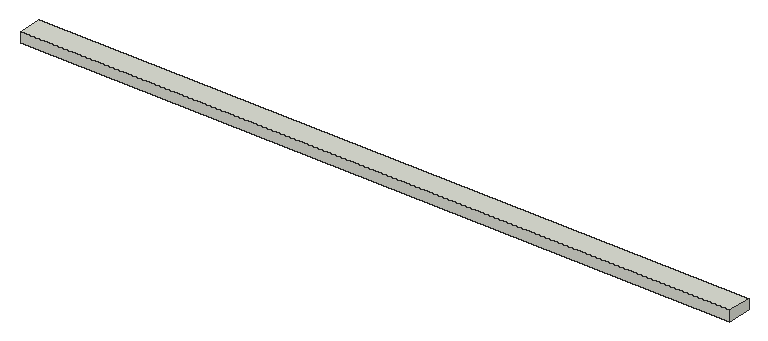
Revit family "Electrical_Fixtures-Metal_Raceway-Hubbell_Wiring-Base-HBL2400BCIV", category Electrical Fixtures, Revit 2015
Parameters (values of type "5 Feet")
  zz YesNo 2 [instance] = and(Pathway, not(Power or Communication))  # no
  zz YesNo 1 [instance] = and(Pathway, Power or Communication)  # yes
  zz Length 1 = 60.00"
  URL = "http://www.hubbell-wiring.com/"
  Run Length [instance] = [built-in parameter 1001306]  # 60.00"
  Product data url = "https://bimobject.com/hubbellwiring/product/hubbell-2400"
  Product Page URL = "http://www.hubbell-wiring.com/press/catalog/R.pdf"
  Product Material = Steel - Hubbell - Ivory
  Product Documentation Link = "http://ecatalog.hubbell-wiring.com/productinformation/CustomerDrawingLibraryAssets/3A/1%5CM10322.pdf"
  Power or Communication [instance] = yes
  Pathway [instance] = yes
  Number Of Segments [instance] = roundup([built-in parameter 1001306] / zz Length 1)  # 1
  Model = "HBL2400BIV"
  Manufacturer = "Hubbell Wiring Device Kellems"  # constant formula
  Length Note [instance] = if(zz Length 1 = 60.00", "Available in 5 foot Segments", if(zz Length 1 = 120.00", "Available in 10 foot Segments", "ERROR"))  # "Available in 5 foot Segments"
  built-in parameter 1001306 [instance] = 60.00"
  Host Note [instance] = "Add in Section View; Host to Wall"  # constant formula
  Description = "5 Ft. Base and Cover, Undivided"
Types (2): name | zz Length 1 | Run Length | Model | Length Note | built-in parameter 1001306 | Description
  5 Feet | 60.00" | 60.00" | "HBL2400BIV" | "Available in 5 foot Segments" | 60.00" | "5 Ft. Base and Cover, Undivided"
  10 Feet | 120.00" | 120.00" | "HBL2400B10IV" | "Available in 10 foot Segments" | 120.00" | "10 Ft. Base and Cover, Undivided"
Reference planes (in)
  plane 1 "Center (Front/Back)": y = 0
  plane 2: z = 0
  plane 3 "Left": x = 0
  plane 4 "Right": x = 60
  plane 5: y = 0.955
  plane 6: y = -0.955
  plane 7: z = 0.88
  plane 8: y = 0.25
  plane 9: y = -0.25
  plane 10: z = 0.44
  plane 11: z = 0.19
  plane 12: z = 0.69
Forms (in)
  Extrusion 1, solid, material "Steel - Hubbell - Ivory" <- "Product Material", detail levels medium+fine
    sketch origin (0, 0, 0) x (1, 0, 0) y (0, 1, 0)
      loop
        line (0, 0.955) -> (0, -0.955) -> (60, -0.955) -> (60, 0.955) -> (0, 0.955)
    from 0 to 0.88
Lines and regions (in)
  reference lines
    curve 1: line (0, 0, 0) -> (60, 0, 0)
  model lines, style "Communication", visible <- "zz YesNo 2", detail levels medium+fine
    curve 2: line (0, 0, 0.88) -> (60, 0, 0.88)
  model lines, style "Power", visible <- "zz YesNo 1", detail levels medium+fine
    curve 3: line (0, 0, 0.88) -> (60, 0, 0.88)
  model lines, style "Snap Location"
    curve 4: line (0, 0, 0.69) -> (0, 0, 0.19)
    curve 5: line (0, -0.25, 0.44) -> (0, 0.25, 0.44)
    curve 6: line (60, 0, 0.69) -> (60, 0, 0.19)
    curve 7: line (60, -0.25, 0.44) -> (60, 0.25, 0.44)
  symbolic lines, detail levels medium+fine
    curve 8: line (0, 0.955, 0) -> (60, 0.955, 0)
    curve 9: line (0, -0.955, 0) -> (0, 0.955, 0)
    curve 10: line (60, -0.955, 0) -> (0, -0.955, 0)
    curve 11: line (60, 0.955, 0) -> (60, -0.955, 0)
    curve 12: line (60, 0, 0.88) -> (0, 0, 0.88)
    curve 13: line (60, 0, 0) -> (60, 0, 0.88)
    curve 14: line (0, 0, 0) -> (60, 0, 0)
    curve 15: line (0, 0, 0.88) -> (0, 0, 0)
  symbolic lines
    curve 16: line (0, 0.955, 0.88) -> (0, -0.955, 0.88)
    curve 17: line (0, 0.955, 0) -> (0, 0.955, 0.88)
    curve 18: line (0, -0.955, 0) -> (0, 0.955, 0)
    curve 19: line (0, -0.955, 0.88) -> (0, -0.955, 0)
  model lines, detail levels coarse
    curve 20: line (0, 0, 0.44) -> (60, 0, 0.44)
Dimensions and locks (in)
  "built-in parameter 1001306": plane 3 "Left" to plane 4 "Right"
  equal spacing: plane 5, plane 1 "Center (Front/Back)", plane 6
  locked: plane 5 to plane 6 at 1.91
  locked: plane 7 to level at 0.88
  equal spacing: plane 8, plane 1 "Center (Front/Back)", plane 9, locked at 0.25 each
  equal spacing: plane 7, plane 10, level
  plane 11 to plane 10 to plane 12 = 0.25" locked, 0.25" locked
  aligned and locked: plane 4 "Right" to curve 1
  aligned and locked: plane 1 "Center (Front/Back)" to curve 1
  aligned and locked: plane 3 "Left" to curve 1
  aligned and locked: level to plane 2
  aligned and locked: Extrusion 1 sketch curve to plane 5
  aligned and locked: plane 3 "Left" to Extrusion 1 sketch curve
  aligned and locked: Extrusion 1 sketch curve to plane 6
  aligned and locked: Extrusion 1 sketch curve to plane 4 "Right"
  aligned and locked: plane 7 to Extrusion 1
  aligned and locked: plane 1 "Center (Front/Back)" to curve 3
  aligned and locked: curve 4 to plane 1 "Center (Front/Back)"
  aligned and locked: plane 10 to curve 5
  aligned and locked: plane 8 to curve 7
  aligned and locked: plane 9 to curve 7
  aligned and locked: plane 12 to curve 6
  aligned and locked: plane 11 to curve 6
  aligned and locked: curve 6 to plane 1 "Center (Front/Back)"
  aligned and locked: plane 10 to curve 7
  aligned and locked: curve 8 to plane 5
  aligned and locked: plane 3 "Left" to curve 9
  aligned and locked: curve 10 to plane 6
  aligned and locked: curve 11 to plane 4 "Right"
  aligned and locked: plane 7 to curve 12
  aligned and locked: curve 14 to plane 2
  aligned and locked: curve 15 to plane 3 "Left"
  aligned and locked: curve 13 to plane 4 "Right"
  aligned and locked: plane 7 to curve 16
  aligned and locked: plane 5 to curve 17
  aligned and locked: curve 18 to plane 2
  aligned and locked: curve 19 to plane 6
  aligned and locked: curve 20 to plane 10
  aligned and locked: Extrusion 1 to plane 2
  aligned and locked: plane 1 "Center (Front/Back)" to curve 2
  aligned and locked: plane 4 "Right" to curve 2
  aligned and locked: plane 3 "Left" to curve 2
Automatic sketch dimensions
  curve 5 to plane 9 = 0.00"
  curve 5 to plane 8 = 0.00"
  curve 4 to plane 11 = 0.00"
  plane 12 to curve 4 = 0.00"
  curve 3 to plane 3 "Left" = 0.00"
  curve 3 to plane 4 "Right" = 0.00"
